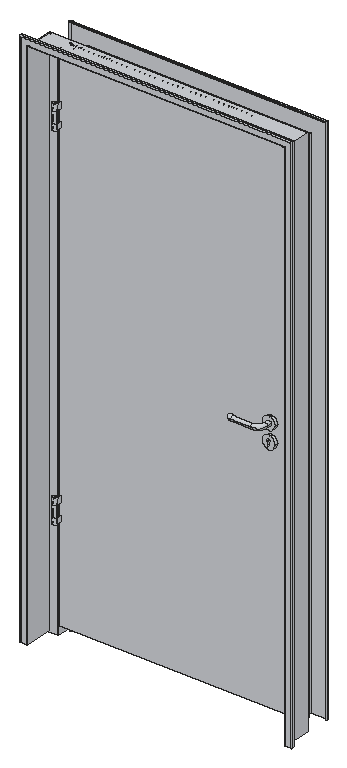
Revit family "BOS-Leibungszarge-BuLd-MW_Familie", category Türen, Revit 2017
Family settings
  Basisbauteil = Wand
  Immer vertikal = Ja
  Beim Laden mit Abzugskörper schneiden = Nein
  Gemeinsam genutzt = Nein
  Raumberechnungspunkt = Ja
Parameters (values of type "BuLd")
  Öffnungswínkel [instance] = if(Öffnungswinkel   Aperture < Öffnungswinkel min., Öffnungswinkel min., if(Öffnungswinkel   Aperture > Öffnungswinkel max., Öffnungswinkel max., Öffnungswinkel   Aperture)) * if(DIN links   DIN Left, 1, -1)  # 0.00°
  Öffnungswinkel min. = 0.00°  # constant formula
  Öffnungswinkel max. = 90.00°  # constant formula
  Öffnungswinkel   Aperture [instance] = 0.00°
  Türblattaufschlag = 13 mm  # constant formula
  Türblattabstand unten = 7 mm  # constant formula
  Türblattabstand oben = 4 mm  # constant formula
  Türblattabstand links-rechts = 3.5 mm  # constant formula
  Drehpunktreferenz vertikal [instance] = Wandstärke   Wall Thickness  # 200 mm
  Türblattabstand 3 = 4.5 mm  # constant formula
  Türblattabstand 2 = 4.5 mm  # constant formula
  Türblattabstand 1 = if(Gefälzt, 1.5 mm, -2 mm)  # -2 mm
  Türblattversatz horizontal = if(Gefälzt, 11.5 mm, 6 mm)  # 6 mm
  Spiegel vorne min. = 30 mm  # constant formula
  Spiegel vorne max. = 80 mm  # constant formula
  Spiegel innen min. = 40 mm  # constant formula
  Spiegel innen max. = 40 mm  # constant formula
  Spiegel hinten min. = if(Einfachfalz, 55 mm, 70 mm)  # 70 mm
  Spiegel hinten max. = if(Einfachfalz, 55 mm, 70 mm)  # 70 mm
  Sickentiefe = 10 mm  # constant formula
  Putzwinkel vorne   Backbend Front [instance] = 10 mm  # constant formula
  Putzwinkel min. = 10 mm  # constant formula
  Putzwinkel max. = 28 mm  # constant formula
  Putzwinkel innen   Backbend Inside [instance] = 10 mm  # constant formula
  Putzwinkel innen [instance] = Putzwinkel innen   Backbend Inside  # 10 mm
  Putzwinkel hinten   Backbend Back [instance] = 10 mm  # constant formula
  LDH Lichte Durchgangs Höhe   Clearance Height [instance] = FMH Falzmaß Höhe - Falzaufschlag gesamt  # 2078 mm
  LDB Lichte Durchgangs Breite   Clearance Width [instance] = FMB Falzmaß Breite - (2 * Falzaufschlag gesamt)  # 906 mm
  Drehpunktreferenz horizontal = 500 mm  # constant formula
  Drehpunktposition vertikal [instance] = (Wandstärke   Wall Thickness / 2) - (MW Maulweite   Receiving Opening - Wandstärke   Wall Thickness + Putzwinkel hinten) + Leibungstiefe + Falztiefe gesamt + [Drehpunktabstand (SP) vertikal]  # 215 mm
  Drehpunktposition horizontal [instance] = Drehpunktreferenz horizontal + Einfügepunkt + if(DIN links   DIN Left, FMB Falzmaß Breite + [Drehpunktabstand (FM) horizontal], -[Drehpunktabstand (FM) horizontal])  # 1523.5 mm
  Drehpunktabstand (SP) vertikal = if(Gefälzt, 12.5 mm, 13.5 mm)  # 13.5 mm
  Drehpunktabstand (FM) horizontal = if(Gefälzt, 21 mm, 2.5 mm)  # 2.5 mm
  Drehpunkt Warnung sichtbar = yes
  Drehpunkt Warnung [instance] = and(Drehpunkt Warnung sichtbar, not(Öffnungswínkel = 0.00°))  # no
  Dichtungsversatz vertikal 2 [instance] = MW Maulweite   Receiving Opening + Putzwinkel hinten - Leibungstiefe + Sickentiefe  # 180 mm
  VX Bänder DIN links [instance] = DIN links   DIN Left  # yes
  Stumpf = or(BsLd, BsFLd)  # yes
  Spiegel innen   Architrave Inside [instance] = 40 mm  # constant formula
  Spiegel innen [instance] = if(Spiegel innen   Architrave Inside < Spiegel innen min., Spiegel innen min., if(Spiegel innen   Architrave Inside > Spiegel innen max., Spiegel innen max., Spiegel innen   Architrave Inside))  # 40 mm
  Profilverschiebung = 15 mm  # constant formula
  MW min. (BuLd, BsLd) = 100 mm  # constant formula
  MW min. (BuLFd, BsLFd) = 130 mm  # constant formula
  MW Maulweite (BuLd, BsLd) [instance] = if(or(BuLd, BsLd), if(Wandstärke   Wall Thickness < [MW min. (BuLd, BsLd)], [MW min. (BuLd, BsLd)], if(Wandstärke   Wall Thickness > MW max., MW max., Wandstärke   Wall Thickness)), [MW min. (BuLFd, BsLFd)])  # 130 mm
  MW Maulweite (BuLFd, BsLFd) [instance] = if(or(BuFLd, BsFLd), if(Wandstärke   Wall Thickness < [MW min. (BuLFd, BsLFd)], [MW min. (BuLFd, BsLFd)], if(Wandstärke   Wall Thickness > MW max., MW max., Wandstärke   Wall Thickness)), [MW min. (BuLFd, BsLFd)])  # 200 mm
  Leibungstiefe [instance] = 40 mm  # constant formula
  Gefälzt = or(BuLd, BuFLd)  # no
  Falztiefe gesamt = if(Einfachfalz, Falztiefe, Falztiefe + Falztiefe 2)  # 71.5 mm
  Falztiefe 2 = 25 mm  # constant formula
  Falzaufschlag gesamt = if(Einfachfalz, Falzaufschlag, 2 * Falzaufschlag)  # 30 mm
  Dichtungsversatz vertikal 1 [instance] = MW Maulweite   Receiving Opening + Putzwinkel hinten - Leibungstiefe - if(Doppelfalz, Falztiefe 2, 0 mm) + Sickentiefe  # 155 mm
  Dichtungsversatz horizontal 2 [instance] = Falzaufschlag  # 15 mm
  Dichtungsversatz horizontal 1 [instance] = 0 mm  # constant formula
  Einfachfalz = or(BuLd, BsLd)  # no
  Doppelfalz = or(BuFLd, BsFLd)  # yes
  Bänder - Auswahl [instance] = if(Gefälzt, "3D Bänder gefälzt, Bandaufnahmen BVX11000", "3D Bänder stumpf, Bandaufnahmen BVX11000")  # "3D Bänder stumpf, Bandaufnahmen BVX11000"
  BsFLd = yes
  BuFLd = no
  Wandstärke   Wall Thickness [instance] = 200 mm
  VX Bänder DIN rechts [instance] = DIN rechts   DIN Right  # no
  URL = "www.BestOfSteel.de/stahlzargen/zargen-fuer-drehfluegeltueren/leibungszargen/"
  Türblattstärke 3 = if(Einfachfalz, 0 mm, 25 mm)  # 25 mm
  Türblattstärke 2 = Türblattstärke - Türblattstärke 1 - Türblattstärke 3  # 40 mm
  Türblattstärke 1 = if(Gefälzt, 14.5 mm, 0 mm)  # 0 mm
  Türblattstärke = if(Einfachfalz, 40 mm, 65 mm)  # 65 mm
  Türblattversatz vertikal = if(Gefälzt, -3.5 mm, 15.5 mm)  # 15.5 mm
  Spiegel vorne   Architrave Front [instance] = 30 mm
  Spiegel vorne [instance] = if(Spiegel vorne   Architrave Front < Spiegel vorne min., Spiegel vorne min., if(Spiegel vorne   Architrave Front > Spiegel vorne max., Spiegel vorne max., Spiegel vorne   Architrave Front))  # 30 mm
  Spiegel hinten   Architrave Back [instance] = if(Einfachfalz, 55 mm, 70 mm)  # 70 mm
  Spiegel hinten [instance] = if(Spiegel hinten   Architrave Back < Spiegel hinten min., Spiegel hinten min., if(Spiegel hinten   Architrave Back > Spiegel hinten max., Spiegel hinten max., Spiegel hinten   Architrave Back))  # 70 mm
  Rough Height = 0 mm  # constant formula
  Rough Width = 0 mm  # constant formula
  Rechtliche Hinweise [instance] = "www.BestOfSteel.de/tools-downloads/bim-building-information-modeling/"
  RNH Rohbau_Nennmaß_Höhe   Nominal Wall Opening Height Measurement [instance] = FMH Falzmaß Höhe + Einfügepunkt  # 2163 mm
  RNB Rohbau_Nennmaß_Breite   Nominal Wall Opening Width Measurement [instance] = FMB Falzmaß Breite + (2 * Einfügepunkt)  # 1076 mm
  Putzwinkel vorne [instance] = if(Putzwinkel vorne   Backbend Front < Putzwinkel min., Putzwinkel min., if(Putzwinkel vorne   Backbend Front > Putzwinkel max., Putzwinkel max., Putzwinkel vorne   Backbend Front))  # 10 mm
  Putzwinkel hinten [instance] = if(Putzwinkel hinten   Backbend Back < Putzwinkel min., Putzwinkel min., if(Putzwinkel hinten   Backbend Back > Putzwinkel max., Putzwinkel max., Putzwinkel hinten   Backbend Back))  # 10 mm
  BsLd = no
  BuLd = no
  Modell = "BsFLd"
  Material - Zarge = none
  Material - Türblatt = none
  Material - Drückergarnitur = none
  Material - Dichtung = none
  Material - Bänder = none
  Material = "grundiert, feuerverzinktes Feinblech nach DIN EN 10143"
  MW min. = if(or(BuLd, BsLd), [MW min. (BuLd, BsLd)], [MW min. (BuLFd, BsLFd)])  # 130 mm
  MW max. [instance] = GT max. - Putzwinkel vorne - Putzwinkel hinten  # 630 mm
  MW Maulweite   Receiving Opening [instance] = if(or(BuLd, BsLd), [MW Maulweite (BuLd, BsLd)], [MW Maulweite (BuLFd, BsLFd)])  # 200 mm
  Information in English = no
  Info-Texte sichtbar = yes
  Height [instance] = RNH Rohbau_Nennmaß_Höhe   Nominal Wall Opening Height Measurement  # 2163 mm
  Hersteller = "BOS GmbH Best Of Steel, Lütkenfelde 4, D-48282 Emsdetten"
  GT min. [instance] = MW min. + Putzwinkel vorne + Putzwinkel hinten  # 150 mm
  GT max. = 650 mm  # constant formula
  GT Gesamttiefe_Zarge   Total Profile Depth [instance] = MW Maulweite   Receiving Opening + Putzwinkel vorne + Putzwinkel hinten  # 220 mm
  MW Fehler [instance] = or(Wandstärke   Wall Thickness < MW min., Wandstärke   Wall Thickness > MW max.)  # no
  Funktion = Innen
  Falztiefe = Türblattstärke 2 - Türblattabstand 1 + Türblattabstand 2  # 46.5 mm
  Falzaufschlag = 15 mm  # constant formula
  FMH min. = 1608 mm  # constant formula
  FMH max. = 2858 mm  # constant formula
  FMH Falzmaß_Höhe   Rebate Height Measurement [instance] = 2108 mm
  FMH Falzmaß Höhe [instance] = if(FMH Falzmaß_Höhe   Rebate Height Measurement < FMH min., FMH min., if(FMH Falzmaß_Höhe   Rebate Height Measurement > FMH max., FMH max., FMH Falzmaß_Höhe   Rebate Height Measurement))  # 2108 mm
  FMB min. = 591 mm  # constant formula
  FMB max. = 1341 mm  # constant formula
  FMB Falzmaß_Breite   Rebate Width Measurement [instance] = 966 mm
  FMB Falzmaß Breite [instance] = if(FMB Falzmaß_Breite   Rebate Width Measurement < FMB min., FMB min., if(FMB Falzmaß_Breite   Rebate Width Measurement > FMB max., FMB max., FMB Falzmaß_Breite   Rebate Width Measurement))  # 966 mm
  Einfügepunkt [instance] = Profilverschiebung + Spiegel innen  # 55 mm
  Drückerhöhe   Handle Height [instance] = 1050 mm
  Drückerhöhe [instance] = if(Drückerhöhe   Handle Height < 850 mm, 850 mm, if(Drückerhöhe   Handle Height > 1050 mm, 1050 mm, Drückerhöhe   Handle Height))  # 1050 mm
  Drückergarnitur DIN rechts [instance] = DIN rechts   DIN Right  # no
  Drückergarnitur DIN links [instance] = DIN links   DIN Left  # yes
  Dicke = 0 mm  # constant formula
  Dichtung 2 = Doppelfalz  # yes
  Dichtung 1 = or(Einfachfalz, Doppelfalz)  # yes
  DIN rechts   DIN Right [instance] = not(DIN links   DIN Left)  # no
  DIN links oder rechts [instance] = if(DIN links   DIN Left, "DIN links", "DIN rechts")  # "DIN links"
  DIN links   DIN Left [instance] = yes
  Width = 0 mm  # constant formula
  Beschreibung = "Leibungszarge für Mauerwerk, stumpf, mit Doppelfalz"
  Bauelement = "BOS Stahlzarge"
  BOS-Architekten-Beratung = "Tel.: +49 (0) 2572 203-203; E-Mail: architekten@BestOfSteel.de"
  BE Bodeneinstand   Foundation Bedding [instance] = 30 mm
  BE Bodeneinstand [instance] = if(BE Bodeneinstand   Foundation Bedding < 0 mm, 0 mm, if(BE Bodeneinstand   Foundation Bedding > BE max., BE max., BE Bodeneinstand   Foundation Bedding))  # 30 mm
  BBL1 Bandbezugslinie   Hinge Position 1 = 241 mm  # constant formula
  BE max. = 100 mm  # constant formula
  BA Bandabstand   Distance Between Hinges [instance] = if(FMH Falzmaß Höhe < 1546 mm, 935 mm, if(FMH Falzmaß Höhe < 1671 mm, 1060 mm, if(FMH Falzmaß Höhe < 1796 mm, 1185 mm, if(FMH Falzmaß Höhe < 1921 mm, 1310 mm, if(FMH Falzmaß Höhe < 2171 mm, 1435 mm, if(FMH Falzmaß Höhe < 2296 mm, 1685 mm, if(FMH Falzmaß Höhe < 2421 mm, 1810 mm, if(FMH Falzmaß Höhe < 2546 mm, 1935 mm, if(FMH Falzmaß Höhe < 2671 mm, 2060 mm, if(FMH Falzmaß Höhe < 2796 mm, 2185 mm, 2310 mm))))))))))  # 1435 mm
  Technische Infos rund um die Stahlzarge = "www.BestOfSteel.de/tools-downloads/technische-infos-rund-um-die-stahlzarge/"
Reference planes
  plane 1 "Wand": y = 0
  plane 2 "Mitte (Links/rechts)": x = 125
  plane 3 "Hinten": y = 100
  plane 4 "Vorne": y = -100
  plane 5 "RNB links": x = -413
  plane 6 "RNB rechts": x = 663
  plane 7 "RNH oben": z = 2163
  plane 8 "BBL1": z = 1867
  plane 9 "Drückerhöhe": z = 1050
  plane 10 "BBL2": z = 432
  plane 11 "BE": z = -30
  plane 12 "FMH oben": z = 2108
  plane 13: z = -100
  plane 14 "FMB links": x = -358
  plane 15 "FMB rechts": x = 608
  plane 16 "Drehpunkt horizontal": y = -15
  plane 17 "Drehpunkt vertikal": x = -360.5
  plane 18 "Drehpunktreferenz horizontal": x = 1163
  plane 19 "Drehpunktreferenz vertikal": y = 200
Forms (mm)
  Sweep 1, solid, material <- "Material - Zarge", visible <- "Einfachfalz", detail levels medium+fine
    path origin (0, -100, 0) x (-1, 0, 0) y (0, 0, 1)
      loop
        line (413, -30) -> (413, 2163) -> (-663, 2163) -> (-663, -30)
    profile "BOS-(w)BuLd-(w)BsLd_Profil : BOS-(w)BuLd-(w)BsLd_Profil" origin (-413, -100, 1066.5) x (1, 0, 0) y (0, 1, 0)
      loop
        arc (15, 56) -> (15.732, 54.232) -> (17.5, 53.5) r 2.5
        line (17.5, 53.5) -> (52.5, 53.5)
        arc (52.5, 53.5) -> (54.268, 54.232) -> (55, 56) r 2.5
        line (55, 56) -> (55, 109)
        arc (55, 109) -> (55.293, 109.707) -> (56, 110) r 1
        line (56, 110) -> (64, 110)
        arc (64, 110) -> (65.154, 109.458) -> (65.475, 108.225) r 1.5
        line (65.475, 108.225) -> (64.547, 103.255)
        arc (64.547, 103.255) -> (66.996, 100.012) -> (70, 102.75) r 2.75
        line (70, 102.75) -> (70, 137.5)
        arc (70, 137.5) -> (69.268, 139.268) -> (67.5, 140) r 2.5
        line (67.5, 140) -> (2.5, 140)
        arc (2.5, 140) -> (0.732, 139.268) -> (0, 137.5) r 2.5
        line (0, 137.5) -> (0, 130) -> (1.5, 130) -> (1.5, 137.5)
        arc (1.5, 137.5) -> (1.793, 138.207) -> (2.5, 138.5) r 1
        line (2.5, 138.5) -> (67.5, 138.5)
        arc (67.5, 138.5) -> (68.207, 138.207) -> (68.5, 137.5) r 1
        line (68.5, 137.5) -> (68.5, 102.75)
        arc (68.5, 102.75) -> (67.135, 101.505) -> (66.021, 102.979) r 1.25
        line (66.021, 102.979) -> (66.949, 107.949)
        arc (66.949, 107.949) -> (66.308, 110.417) -> (64, 111.5) r 3
        line (64, 111.5) -> (56, 111.5)
        arc (56, 111.5) -> (54.232, 110.768) -> (53.5, 109) r 2.5
        line (53.5, 109) -> (53.5, 56)
        arc (53.5, 56) -> (53.207, 55.293) -> (52.5, 55) r 1
        line (52.5, 55) -> (17.5, 55)
        arc (17.5, 55) -> (16.793, 55.293) -> (16.5, 56) r 1
        line (16.5, 56) -> (16.5, 63.5) -> (13.5, 63.5) -> (13.5, -7.5)
        arc (13.5, -7.5) -> (13.207, -8.207) -> (12.5, -8.5) r 1
        line (12.5, -8.5) -> (-12.5, -8.5)
        arc (-12.5, -8.5) -> (-13.207, -8.207) -> (-13.5, -7.5) r 1
        line (-13.5, -7.5) -> (-13.5, 0) -> (-15, 0) -> (-15, -7.5)
        arc (-15, -7.5) -> (-14.268, -9.268) -> (-12.5, -10) r 2.5
        line (-12.5, -10) -> (12.5, -10)
        arc (12.5, -10) -> (14.268, -9.268) -> (15, -7.5) r 2.5
        line (15, -7.5) -> (15, 56)
  Sweep 2, solid, material <- "Material - Dichtung", visible <- "Dichtung 1", detail levels medium+fine
    path origin (0, -100, 0) x (-1, 0, 0) y (0, 0, 1)
      loop
        line (358, 0) -> (358, 2108) -> (-608, 2108) -> (-608, 0)
    profile "BOS-Dichtung_Profil : BOS-Dichtung_Profil" origin (-358, -100, 1054) x (1, 0, 0) y (0, 1, 0)
      loop
        arc (2.601, 153.763) -> (2.248, 153.616) -> (2.102, 153.263) r 0.5
        line (2.102, 153.263) -> (2.102, 149.134)
        arc (2.102, 149.134) -> (2.243, 148.754) -> (2.599, 148.557) r 0.584
        line (2.599, 148.557) -> (7.702, 147.78)
        arc (7.702, 147.78) -> (8.08, 147.892) -> (8.234, 148.254) r 0.462
        line (8.234, 148.254) -> (8.069, 152.492)
        arc (8.069, 152.492) -> (7.918, 152.903) -> (7.556, 153.15) r 0.716
        arc (7.556, 153.15) -> (5.104, 153.66) -> (2.601, 153.763) r 15.257
      loop
        arc (2.671, 147.457) -> (2.274, 147.338) -> (2.102, 146.96) r 0.501
        line (2.102, 146.96) -> (2.102, 144.065)
        arc (2.102, 144.065) -> (2.227, 143.651) -> (2.561, 143.374) r 0.75
        line (2.561, 143.374) -> (9.159, 141.5)
        arc (9.159, 141.5) -> (9.738, 141.426) -> (10.314, 141.526) r 1.962
        arc (10.314, 141.526) -> (11.596, 142.254) -> (12.503, 143.416) r 3.79
        arc (12.503, 143.416) -> (12.466, 143.789) -> (12.114, 143.916) r 0.351
        arc (12.114, 143.916) -> (9.731, 144.318) -> (8.301, 146.267) r 3.215
        arc (8.301, 146.267) -> (8.101, 146.597) -> (7.751, 146.759) r 0.66
        line (7.751, 146.759) -> (2.671, 147.457)
      loop
        arc (9.885, 153.192) -> (6.361, 154.549) -> (2.611, 155) r 15.273
        arc (2.611, 155) -> (1.229, 154.741) -> (0, 154.058) r 4.388
        arc (0, 154.058) -> (-0.126, 153.698) -> (0.203, 153.505) r 0.3
        line (0.203, 153.505) -> (1.052, 153.679) -> (1.052, 148.712) -> (0.253, 148.089)
        arc (0.253, 148.089) -> (0.158, 147.698) -> (0.517, 147.517) r 0.324
        arc (0.517, 147.517) -> (0.888, 147.425) -> (1.052, 147.08) r 0.446
        line (1.052, 147.08) -> (1.052, 143.838) -> (0.255, 143.075)
        arc (0.255, 143.075) -> (0.205, 142.709) -> (0.55, 142.577) r 0.297
        arc (0.55, 142.577) -> (1.217, 142.694) -> (1.892, 142.637) r 2.63
        line (1.892, 142.637) -> (9.198, 140.549)
        arc (9.198, 140.549) -> (9.621, 140.508) -> (10.045, 140.524) r 3.219
        arc (10.045, 140.524) -> (12.714, 142.031) -> (14.033, 144.798) r 5.088
        arc (14.033, 144.798) -> (13.874, 145.208) -> (13.442, 145.288) r 0.451
        line (13.442, 145.288) -> (12.151, 144.852)
        arc (12.151, 144.852) -> (10.406, 145.22) -> (9.336, 146.647) r 2.533
        line (9.336, 146.647) -> (9.088, 152.069)
        arc (9.088, 152.069) -> (9.253, 152.464) -> (9.663, 152.587) r 0.501
        arc (9.663, 152.587) -> (10.021, 152.799) -> (9.885, 153.192) r 0.329
  Sweep 3, solid, material <- "Material - Zarge", visible <- "Doppelfalz", detail levels medium+fine
    path origin (0, -100, 0) x (-1, 0, 0) y (0, 0, 1)
      loop
        line (413, -30) -> (413, 2163) -> (-663, 2163) -> (-663, -30)
    profile "BOS-(w)BuFLd-(w)BsFLd_Profil : BOS-(w)BuFLd-(w)BsFLd_Profil" origin (-413, -100, 1066.5) x (1, 0, 0) y (0, 1, 0)
      loop
        arc (81.949, 177.949) -> (81.308, 180.417) -> (79, 181.5) r 3
        line (79, 181.5) -> (71, 181.5)
        arc (71, 181.5) -> (69.232, 180.768) -> (68.5, 179) r 2.5
        line (68.5, 179) -> (68.5, 147.75)
        arc (68.5, 147.75) -> (67.135, 146.505) -> (66.021, 147.979) r 1.25
        line (66.021, 147.979) -> (66.949, 152.961)
        arc (66.949, 152.961) -> (66.308, 155.428) -> (64, 156.512) r 3
        line (64, 156.512) -> (56, 156.512)
        arc (56, 156.512) -> (54.232, 155.779) -> (53.5, 154.012) r 2.5
        line (53.5, 154.012) -> (53.5, 101)
        arc (53.5, 101) -> (53.207, 100.293) -> (52.5, 100) r 1
        line (52.5, 100) -> (17.5, 100)
        arc (17.5, 100) -> (16.793, 100.293) -> (16.5, 101) r 1
        line (16.5, 101) -> (16.5, 108.5) -> (13.5, 108.5) -> (13.5, -7.5)
        arc (13.5, -7.5) -> (13.207, -8.207) -> (12.5, -8.5) r 1
        line (12.5, -8.5) -> (-12.5, -8.5)
        arc (-12.5, -8.5) -> (-13.207, -8.207) -> (-13.5, -7.5) r 1
        line (-13.5, -7.5) -> (-13.5, 0) -> (-15, 0) -> (-15, -7.5)
        arc (-15, -7.5) -> (-14.268, -9.268) -> (-12.5, -10) r 2.5
        line (-12.5, -10) -> (12.5, -10)
        arc (12.5, -10) -> (14.268, -9.268) -> (15, -7.5) r 2.5
        line (15, -7.5) -> (15, 101)
        arc (15, 101) -> (15.732, 99.232) -> (17.5, 98.5) r 2.5
        line (17.5, 98.5) -> (52.5, 98.5)
        arc (52.5, 98.5) -> (54.268, 99.232) -> (55, 101) r 2.5
        line (55, 101) -> (55, 154.012)
        arc (55, 154.012) -> (55.293, 154.719) -> (56, 155.012) r 1
        line (56, 155.012) -> (64, 155.012)
        arc (64, 155.012) -> (65.154, 154.47) -> (65.475, 153.236) r 1.5
        line (65.475, 153.236) -> (64.547, 148.255)
        arc (64.547, 148.255) -> (66.996, 145.012) -> (70, 147.75) r 2.75
        line (70, 147.75) -> (70, 179)
        arc (70, 179) -> (70.293, 179.707) -> (71, 180) r 1
        line (71, 180) -> (79, 180)
        arc (79, 180) -> (80.154, 179.458) -> (80.475, 178.225) r 1.5
        line (80.475, 178.225) -> (79.547, 173.255)
        arc (79.547, 173.255) -> (81.996, 170.012) -> (85, 172.75) r 2.75
        line (85, 172.75) -> (85, 207.5)
        arc (85, 207.5) -> (84.268, 209.268) -> (82.5, 210) r 2.5
        line (82.5, 210) -> (17.5, 210)
        arc (17.5, 210) -> (15.732, 209.268) -> (15, 207.5) r 2.5
        line (15, 207.5) -> (15, 200) -> (16.5, 200) -> (16.5, 207.5)
        arc (16.5, 207.5) -> (16.793, 208.207) -> (17.5, 208.5) r 1
        line (17.5, 208.5) -> (82.5, 208.5)
        arc (82.5, 208.5) -> (83.207, 208.207) -> (83.5, 207.5) r 1
        line (83.5, 207.5) -> (83.5, 172.75)
        arc (83.5, 172.75) -> (82.135, 171.505) -> (81.021, 172.979) r 1.25
        line (81.021, 172.979) -> (81.949, 177.949)
  Sweep 4, void
    path origin (0, -100, 0) x (-1, 0, 0) y (0, 0, 1)
      loop
        line (413, 0) -> (413, 2163) -> (-125, 2163)
    profile "BOS-AK-Leibungszarge-Einfachfalz-MW_Profil : BOS-AK-Leibungszarge-Einfachfalz-MW_Profil" origin (-413, -100, 1081.5) x (1, 0, 0) y (0, 1, 0)
      loop
        line (76.5, 56) -> (76.5, 63.5) -> (73.5, 63.5) -> (73.5, 0) -> (538, 0) -> (538, 130) -> (128.5, 130) -> (128.5, 111.5) -> (116, 111.5)
        arc (116, 111.5) -> (114.232, 110.768) -> (113.5, 109) r 2.5
        line (113.5, 109) -> (113.5, 56)
        arc (113.5, 56) -> (113.207, 55.293) -> (112.5, 55) r 1
        line (112.5, 55) -> (77.5, 55)
        arc (77.5, 55) -> (76.793, 55.293) -> (76.5, 56) r 1
  Sweep 5, void
    path origin (0, -100, 0) x (-1, 0, 0) y (0, 0, 1)
      loop
        line (-663, 0) -> (-663, 2163) -> (-125, 2163)
    profile "BOS-AK-Leibungszarge-Einfachfalz-MW_Profil : BOS-AK-Leibungszarge-Einfachfalz-MW_Profil" origin (663, -100, 1081.5) x (1, 0, 0) y (0, 1, 0)
      loop
        arc (-76.5, 56) -> (-76.793, 55.293) -> (-77.5, 55) r 1
        line (-77.5, 55) -> (-112.5, 55)
        arc (-112.5, 55) -> (-113.207, 55.293) -> (-113.5, 56) r 1
        line (-113.5, 56) -> (-113.5, 109)
        arc (-113.5, 109) -> (-114.232, 110.768) -> (-116, 111.5) r 2.5
        line (-116, 111.5) -> (-128.5, 111.5) -> (-128.5, 130) -> (-538, 130) -> (-538, 0) -> (-73.5, 0) -> (-73.5, 63.5) -> (-76.5, 63.5) -> (-76.5, 56)
  Sweep 6, void
    path origin (0, -100, 0) x (-1, 0, 0) y (0, 0, 1)
      loop
        line (413, 0) -> (413, 2163) -> (-125, 2163)
    profile "BOS-AK-Leibungszarge-Doppelfalz-MW_Profil : BOS-AK-Leibungszarge-Doppelfalz-MW_Profil" origin (-413, -100, 1081.5) x (1, 0, 0) y (0, 1, 0)
      loop
        line (13.5, 0) -> (538, 0) -> (538, 200) -> (83.5, 200) -> (83.5, 181.5) -> (71, 181.5)
        arc (71, 181.5) -> (69.232, 180.768) -> (68.5, 179) r 2.5
        line (68.5, 179) -> (68.5, 156.5) -> (56, 156.5)
        arc (56, 156.5) -> (54.232, 155.768) -> (53.5, 154) r 2.5
        line (53.5, 154) -> (53.5, 101)
        arc (53.5, 101) -> (53.207, 100.293) -> (52.5, 100) r 1
        line (52.5, 100) -> (17.5, 100)
        arc (17.5, 100) -> (16.793, 100.293) -> (16.5, 101) r 1
        line (16.5, 101) -> (16.5, 108.5) -> (13.5, 108.5) -> (13.5, 0)
  Sweep 7, void
    path origin (0, -100, 0) x (-1, 0, 0) y (0, 0, 1)
      loop
        line (-663, 0) -> (-663, 2163) -> (-125, 2163)
    profile "BOS-AK-Leibungszarge-Doppelfalz-MW_Profil : BOS-AK-Leibungszarge-Doppelfalz-MW_Profil" origin (663, -100, 1081.5) x (1, 0, 0) y (0, 1, 0)
      loop
        line (-13.5, 0) -> (-13.5, 108.5) -> (-16.5, 108.5) -> (-16.5, 101)
        arc (-16.5, 101) -> (-16.793, 100.293) -> (-17.5, 100) r 1
        line (-17.5, 100) -> (-52.5, 100)
        arc (-52.5, 100) -> (-53.207, 100.293) -> (-53.5, 101) r 1
        line (-53.5, 101) -> (-53.5, 154)
        arc (-53.5, 154) -> (-54.232, 155.768) -> (-56, 156.5) r 2.5
        line (-56, 156.5) -> (-68.5, 156.5) -> (-68.5, 179)
        arc (-68.5, 179) -> (-69.232, 180.768) -> (-71, 181.5) r 2.5
        line (-71, 181.5) -> (-83.5, 181.5) -> (-83.5, 200) -> (-538, 200) -> (-538, 0) -> (-13.5, 0)
  Sweep 8, solid, material <- "Material - Dichtung", visible <- "Dichtung 2", detail levels medium+fine
    path origin (0, -100, 0) x (-1, 0, 0) y (0, 0, 1)
      loop
        line (358, 0) -> (358, 2108) -> (-608, 2108) -> (-608, 0)
    profile "BOS-Dichtung_Profil : BOS-Dichtung_Profil" origin (-358, -100, 1054) x (1, 0, 0) y (0, 1, 0)
      loop
        arc (17.601, 178.763) -> (17.248, 178.616) -> (17.102, 178.263) r 0.5
        line (17.102, 178.263) -> (17.102, 174.134)
        arc (17.102, 174.134) -> (17.243, 173.754) -> (17.599, 173.557) r 0.584
        line (17.599, 173.557) -> (22.702, 172.78)
        arc (22.702, 172.78) -> (23.08, 172.892) -> (23.234, 173.254) r 0.462
        line (23.234, 173.254) -> (23.069, 177.492)
        arc (23.069, 177.492) -> (22.918, 177.903) -> (22.556, 178.15) r 0.716
        arc (22.556, 178.15) -> (20.104, 178.66) -> (17.601, 178.763) r 15.257
      loop
        arc (17.671, 172.457) -> (17.274, 172.338) -> (17.102, 171.96) r 0.501
        line (17.102, 171.96) -> (17.102, 169.065)
        arc (17.102, 169.065) -> (17.227, 168.651) -> (17.561, 168.374) r 0.75
        line (17.561, 168.374) -> (24.159, 166.5)
        arc (24.159, 166.5) -> (24.738, 166.426) -> (25.314, 166.526) r 1.962
        arc (25.314, 166.526) -> (26.596, 167.254) -> (27.503, 168.416) r 3.79
        arc (27.503, 168.416) -> (27.466, 168.789) -> (27.114, 168.916) r 0.351
        arc (27.114, 168.916) -> (24.731, 169.318) -> (23.301, 171.267) r 3.215
        arc (23.301, 171.267) -> (23.101, 171.597) -> (22.751, 171.759) r 0.66
        line (22.751, 171.759) -> (17.671, 172.457)
      loop
        arc (24.885, 178.192) -> (21.361, 179.549) -> (17.611, 180) r 15.273
        arc (17.611, 180) -> (16.229, 179.741) -> (15, 179.058) r 4.388
        arc (15, 179.058) -> (14.874, 178.698) -> (15.203, 178.505) r 0.3
        line (15.203, 178.505) -> (16.052, 178.679) -> (16.052, 173.712) -> (15.253, 173.089)
        arc (15.253, 173.089) -> (15.158, 172.698) -> (15.517, 172.517) r 0.324
        arc (15.517, 172.517) -> (15.888, 172.425) -> (16.052, 172.08) r 0.446
        line (16.052, 172.08) -> (16.052, 168.838) -> (15.255, 168.075)
        arc (15.255, 168.075) -> (15.205, 167.709) -> (15.55, 167.577) r 0.297
        arc (15.55, 167.577) -> (16.217, 167.694) -> (16.892, 167.637) r 2.63
        line (16.892, 167.637) -> (24.198, 165.549)
        arc (24.198, 165.549) -> (24.621, 165.508) -> (25.045, 165.524) r 3.219
        arc (25.045, 165.524) -> (27.714, 167.031) -> (29.033, 169.798) r 5.088
        arc (29.033, 169.798) -> (28.874, 170.208) -> (28.442, 170.288) r 0.451
        line (28.442, 170.288) -> (27.151, 169.852)
        arc (27.151, 169.852) -> (25.406, 170.22) -> (24.336, 171.647) r 2.533
        line (24.336, 171.647) -> (24.088, 177.069)
        arc (24.088, 177.069) -> (24.253, 177.464) -> (24.663, 177.587) r 0.501
        arc (24.663, 177.587) -> (25.021, 177.799) -> (24.885, 178.192) r 0.329
Lines and regions (mm)
  reference lines
    curve 1: line (65, 650, 0) -> (185, 650, 0)
    curve 2: line (65, 150, 0) -> (185, 150, 0)
    curve 3: line (65, -650, 0) -> (185, -650, 0)
    curve 4: line (65, -350, 0) -> (185, -350, 0)
    curve 5: line (-360.5, -15, 0) -> (139.5, -15, 0)
  symbolic lines, style "DoorsHiddenLines", visible <- "DIN links   DIN Left"
    curve 6: arc (663, -15, 0) -> (347.847, -775.847, 0) -> (-413, -1091, 0) r 1076
  symbolic lines, style "Doors", visible <- "DIN links   DIN Left"
    curve 7: line (-413, -15, 0) -> (-413, -1091, 0)
  symbolic lines, style "DoorsHiddenLines", visible <- "DIN rechts   DIN Right"
    curve 8: arc (-413, -15, 0) -> (-97.847, -775.847, 0) -> (663, -1091, 0) r 1076
  symbolic lines, style "Doors", visible <- "DIN rechts   DIN Right"
    curve 9: line (663, -1091, 0) -> (663, -15, 0)
Text (mm)
  text "Außen     " at (-1696.17, 830.944, 0), in view "Ref.-Ebene"
  text "Außen" at (0, 1409.804, 2854.306), in view "Links"
  text "Placement side" at (0, 499.811, 2980.732), in view "Rechts"
Dimensions and locks
  locked: plane 3 "Hinten" to host wall
  locked: host wall to plane 4 "Vorne" at 0
  level to plane 7 "RNH oben" = 2163 mm
  equal spacing: plane 5 "RNB links", plane 2 "Mitte (Links/rechts)", plane 6 "RNB rechts"
  "Drückerhöhe": level to plane 9 "Drückerhöhe"
  "BE Bodeneinstand": plane 11 "BE" to level
  "Wandstärke   Wall Thickness": host wall to host wall
  "BBL1 Bandbezugslinie   Hinge Position 1": plane 12 "FMH oben" to plane 8 "BBL1"
  "BA Bandabstand   Distance Between Hinges": plane 8 "BBL1" to plane 10 "BBL2"
  "FMH Falzmaß Höhe": plane 12 "FMH oben" to level
  "RNH Rohbau_Nennmaß_Höhe   Nominal Wall Opening Height Measurement": plane 7 "RNH oben" to level
  "RNB Rohbau_Nennmaß_Breite   Nominal Wall Opening Width Measurement": plane 5 "RNB links" to plane 6 "RNB rechts"
  curve 3 to curve 4 to plane 4 "Vorne" to plane 3 "Hinten" to curve 2 to curve 1 = 300 mm, 250 mm, 200 mm, 50 mm, 500 mm
  "BE max.": level to plane 13
  equal spacing: plane 14 "FMB links", plane 2 "Mitte (Links/rechts)", plane 15 "FMB rechts"
  "FMB Falzmaß Breite": plane 14 "FMB links" to plane 15 "FMB rechts"
  "Drehpunktreferenz horizontal": plane 6 "RNB rechts" to plane 18 "Drehpunktreferenz horizontal"
  "Drehpunktposition horizontal": plane 17 "Drehpunkt vertikal" to plane 18 "Drehpunktreferenz horizontal"
  "Drehpunktreferenz vertikal": host wall to plane 19 "Drehpunktreferenz vertikal"
  "Drehpunktposition vertikal": plane 19 "Drehpunktreferenz vertikal" to plane 16 "Drehpunkt horizontal"
  "Öffnungswínkel": angle curve 5 to plane 16 "Drehpunkt horizontal"
  aligned and locked: plane 1 "Wand" to host wall
  aligned and locked: plane 6 "RNB rechts" to nested 1
  aligned and locked: plane 9 "Drückerhöhe" to nested 1
  aligned and locked: nested 2 to plane 5 "RNB links"
  aligned and locked: plane 4 "Vorne" to nested 2
  aligned and locked: nested 3 to plane 4 "Vorne"
  aligned and locked: nested 3 to plane 6 "RNB rechts"
  aligned and locked: plane 14 "FMB links" to Sweep 2 sketch curve
  aligned and locked: plane 12 "FMH oben" to Sweep 2 sketch curve
  aligned and locked: Sweep 2 sketch curve to plane 15 "FMB rechts"
  aligned and locked: plane 1 "Wand" to nested 4
  aligned and locked: curve 2 to nested 7
  aligned and locked: plane 2 "Mitte (Links/rechts)" to nested 7
  aligned and locked: curve 1 to nested 6
  aligned and locked: plane 2 "Mitte (Links/rechts)" to nested 6
  aligned and locked: plane 2 "Mitte (Links/rechts)" to nested 5
  aligned and locked: curve 3 to nested 5
  aligned and locked: plane 2 "Mitte (Links/rechts)" to nested 8
  aligned and locked: curve 4 to nested 8
  aligned and locked: nested 4 to plane 18 "Drehpunktreferenz horizontal"
  aligned and locked: plane 10 "BBL2" to nested 12
  aligned and locked: nested 9 to plane 10 "BBL2"
  aligned and locked: nested 11 to plane 8 "BBL1"
  aligned and locked: plane 8 "BBL1" to nested 10
  aligned and locked: nested 11 to plane 17 "Drehpunkt vertikal"
  aligned and locked: nested 12 to plane 17 "Drehpunkt vertikal"
  aligned and locked: nested 9 to plane 17 "Drehpunkt vertikal"
  aligned and locked: nested 10 to plane 17 "Drehpunkt vertikal"
  aligned and locked: nested 9 to plane 16 "Drehpunkt horizontal"
  aligned and locked: nested 10 to plane 16 "Drehpunkt horizontal"
  aligned and locked: plane 16 "Drehpunkt horizontal" to nested 11
  aligned and locked: plane 16 "Drehpunkt horizontal" to nested 12
  aligned and locked: curve 5 to nested 14
  aligned and locked: nested 13 to nested 2  (x2)
  aligned and locked: Sweep 8 sketch curve to plane 12 "FMH oben"
  aligned and locked: nested 1 to nested 3
  aligned and locked: plane 6 "RNB rechts" to curve 9
Automatic sketch dimensions
  Sweep 1 sketch curve to plane 6 "RNB rechts" = 0 mm
  Sweep 1 sketch curve to plane 5 "RNB links" = 0 mm
  Sweep 1 sketch curve to plane 11 "BE" = 0 mm  (x2)
  Sweep 1 sketch curve to plane 7 "RNH oben" = 0 mm
  Sweep 3 sketch curve to plane 6 "RNB rechts" = 0 mm
  Sweep 3 sketch curve to plane 5 "RNB links" = 0 mm
  Sweep 3 sketch curve to plane 11 "BE" = 0 mm  (x2)
  Sweep 3 sketch curve to plane 7 "RNH oben" = 0 mm
  Sweep 4 sketch curve to plane 2 "Mitte (Links/rechts)" = 0 mm
  Sweep 4 sketch curve to plane 5 "RNB links" = 0 mm
  Sweep 4 sketch curve to level = 0 mm
  Sweep 4 sketch curve to plane 7 "RNH oben" = 0 mm
  Sweep 5 sketch curve to plane 6 "RNB rechts" = 0 mm
  Sweep 5 sketch curve to plane 2 "Mitte (Links/rechts)" = 0 mm
  Sweep 5 sketch curve to level = 0 mm
  Sweep 5 sketch curve to plane 7 "RNH oben" = 0 mm
  Sweep 6 sketch curve to plane 2 "Mitte (Links/rechts)" = 0 mm
  Sweep 6 sketch curve to plane 5 "RNB links" = 0 mm
  Sweep 6 sketch curve to level = 0 mm
  Sweep 6 sketch curve to plane 7 "RNH oben" = 0 mm
  Sweep 7 sketch curve to plane 6 "RNB rechts" = 0 mm
  Sweep 7 sketch curve to plane 2 "Mitte (Links/rechts)" = 0 mm
  Sweep 7 sketch curve to level = 0 mm
  Sweep 7 sketch curve to plane 7 "RNH oben" = 0 mm
  Sweep 2 sketch curve to level = 0 mm  (x2)
  plane 5 "RNB links" to Sweep 8 sketch curve = 55 mm
  plane 13 to Sweep 8 sketch curve = 100 mm  (x2)
  Sweep 8 sketch curve to plane 6 "RNB rechts" = 55 mm
  curve 8 to curve 5 = 0 mm
  curve 7 to curve 5 = 0 mm
  curve 6 to curve 5 = 0 mm
  curve 7 to curve 5 = 52.5 mm
  curve 8 to curve 7 = 0 mm
  curve 5 to curve 9 = 0 mm
  curve 8 to curve 6 = 0 mm
  curve 5 to plane 16 "Drehpunkt horizontal" = 0 mm
  curve 5 to plane 17 "Drehpunkt vertikal" = 0 mm
  curve 2 to plane 2 "Mitte (Links/rechts)" = 60 mm
  curve 4 to plane 2 "Mitte (Links/rechts)" = 60 mm
  curve 3 to plane 2 "Mitte (Links/rechts)" = 60 mm
  curve 1 to plane 2 "Mitte (Links/rechts)" = 60 mm
  plane 2 "Mitte (Links/rechts)" to curve 4 = 60 mm
  plane 2 "Mitte (Links/rechts)" to curve 1 = 60 mm
  plane 2 "Mitte (Links/rechts)" to curve 3 = 60 mm
  plane 2 "Mitte (Links/rechts)" to curve 2 = 60 mm
Nested families
  nested 1: "BOS-BOS_Modell" at (663, -84.173, 1050), type "BOS-BOS_Modell", not visible
    with Abstand 15 mm
  nested 2: "BOS-loser-Nagelanker-Leibungszarge_Detail" at (-398, -99, 0), type "BOS-loser-Nagelanker-Leibungszarge_Detail", detail levels fine
    with Spiegel hinten 70 mm, Falzaufschlag gesamt 30 mm
  nested 3: "BOS-loser-Nagelanker-Leibungszarge_Detail" at (648, -99, 0) x (-1, 0, 0) z (0, 0, 1), type "BOS-loser-Nagelanker-Leibungszarge_Detail", detail levels fine
    with Spiegel hinten 70 mm, Falzaufschlag gesamt 30 mm
  nested 4: "BOS-Info-Texte_Beschriftung" at (1163, -0.955, 0), visible <- "MW Fehler", type "Maulweite Fehlermeldung"
  nested 5: "BOS-Info-Texte_Beschriftung" at (125, -650.955, 0), visible <- "Info-Texte sichtbar", type "Rechtliche Hinweise"
  nested 6: "BOS-Info-Texte_Beschriftung" at (125, 649.045, 0), visible <- "Info-Texte sichtbar", type "Technische Hinweise"
  nested 7: "BOS-Info-Texte_Beschriftung" at (125, 149.045, 0), visible <- "Info-Texte sichtbar", type "Rohbaumaß Warnung"
  nested 8: "BOS-Info-Texte_Beschriftung" at (125, -350.955, 0), visible <- "Drehpunkt Warnung", type "Drehpunkt Warnung"
  nested 9: "BOS-Band-VX_Modell" at (-360.5, -15, 432), visible <- "DIN links   DIN Left", type "BOS-Band-VX_Modell", detail levels fine
    with Stumpf yes, Gefälzt no
  nested 10: "BOS-Band-VX_Modell" at (-360.5, -15, 1867), visible <- "DIN links   DIN Left", type "BOS-Band-VX_Modell", detail levels fine
    with Stumpf yes, Gefälzt no
  nested 11: "BOS-Band-VX_Modell" at (-360.5, -15, 1867) x (-1, 0, 0) z (0, 0, 1), visible <- "DIN rechts   DIN Right", type "BOS-Band-VX_Modell", detail levels fine
    with Stumpf yes, Gefälzt no
  nested 12: "BOS-Band-VX_Modell" at (-360.5, -15, 432) x (-1, 0, 0) z (0, 0, 1), visible <- "DIN rechts   DIN Right", type "BOS-Band-VX_Modell", detail levels fine
    with Stumpf yes, Gefälzt no
  nested 13: "BOS-Logo_Modell" at (-401, 76.701, 0), type "BOS-Logo_Modell", detail levels fine
  nested 14: "BOS-Türblatt_Modell" at (125, -11.5, 0), type "BOS-Türblatt_Modell", detail levels medium+fine
    with Türblattversatz vertikal 15.5 mm, Türblattversatz horizontal 6 mm, Türblattstärke 3 25 mm, Türblattstärke 2 40 mm, Türblattstärke 1 0 mm, Türblattstärke 65 mm, TAH Türblatt Außenmaß Höhe 2097 mm, Stumpf yes, Gefälzt no, Einfachfalz no, Drehpunktabstand vertikal 145.5 mm, Drehpunktabstand horizontal 473.5 mm, Doppelfalz yes, TAB Türblatt Außenmass Breite 959 mm
Definition of nested family "BOS-Band-VX_Modell"
  Parameters (values of type "BOS-Band-VX_Modell")
    Öffnungswinkel = 0.00°
    URL = "www.BestOfSteel.de"
    Stumpf = no
    Rechtliche Hinweise = "www.BestOfSteel.de/tools-downloads/bim-building-information-modeling/"
    Material - Bänder = none
    Manufacturer = ""
    Gefälzt = yes
    Drehwinkel = abs(Öffnungswinkel)  # 0.00°
    Description = "Band VX gefälzt oder stumpf"
    Keynote = "BOS Modell"
    BOS-Architekten-Beratung = "Tel.: +49 (0) 2572 203-203; E-Mail: architekten@BestOfSteel.de"
    Technische Infos rund um die Stahlzarge = "www.BestOfSteel.de/tools-downloads/technische-infos-rund-um-die-stahlzarge/"
  Reference planes
    plane 1: y = 0
    plane 2: z = 0
    plane 3: x = 0
  Forms (mm)
    Sweep 1, solid, material <- "Material - Bänder"
      path origin (-13.92, -27.5, 1200) x (-1, 0, 0) y (0, 0, 1)
        loop
          line (-13.92, -1247.5) -> (-13.92, -1152.5)
      profile origin (0, -27.5, 0) x (1, 0, 0) y (0, 1, 0)
        loop
          circle (0, 27.5) r 6.5
    Extrusion 2, solid, material <- "Material - Bänder", visible <- "Gefälzt"
      sketch origin (58.575, -26.745, 0) x (1, 0, 0) y (0, 1, 0)
        loop
          line (-48.615, 25.844) -> (-47.575, 37.348) -> (-47.575, 39.245) -> (-51.075, 39.245) -> (-51.075, 37.506) -> (-52.154, 25.574)
          arc (-52.154, 25.574) -> (-64.788, 24.746) -> (-54.041, 31.44) r 6.527
          line (-54.041, 31.44) -> (-51.628, 33.938)
          arc (-51.628, 33.938) -> (-67.946, 23.257) -> (-48.615, 25.844) r 10
      from -23.5 to 23.5
    Extrusion 3, solid, material <- "Material - Bänder", visible <- "Stumpf"
      sketch origin (26.489, 48.796, 0) x (1, 0, 0) y (0, 1, 0)
        loop
          line (-37.489, -37.345) -> (-36.338, -50.529)
          arc (-36.338, -50.529) -> (-16.979, -51.887) -> (-33.436, -41.602) r 10
          line (-33.436, -41.602) -> (-31.004, -44.128)
          arc (-31.004, -44.128) -> (-23.943, -42.824) -> (-19.982, -48.813) r 6.507
          arc (-19.982, -48.813) -> (-25.866, -55.271) -> (-32.842, -50.01) r 6.486
          line (-32.842, -50.01) -> (-34.035, -37.197) -> (-34.035, -35.296) -> (-37.489, -35.296) -> (-37.489, -37.345)
      from -23.5 to 23.5
    Extrusion 4, solid, material <- "Material - Bänder", visible <- "Gefälzt"
      sketch origin (0, 0, 0) x (0.5, -0.866025, 0) y (0.866025, 0.5, 0)
        loop
          arc (-3.25, -5.629) -> (-6.279, -1.682) -> (-5.629, 3.25) r 6.5
          line (-5.629, 3.25) -> (0.121, 13.209) -> (-2.91, 14.959) -> (-8.66, 5)
          arc (-8.66, 5) -> (5.664, -8.241) -> (-1.564, 9.877) r 10
          line (-1.564, 9.877) -> (-1.017, 6.42)
          arc (-1.017, 6.42) -> (6.391, -1.185) -> (-3.25, -5.629) r 6.5
      from 24 to 47.5
    Extrusion 5, solid, material <- "Material - Bänder", visible <- "Gefälzt"
      sketch origin (0, 0, 0) x (0.5, -0.866025, 0) y (0.866025, 0.5, 0)
        loop
          arc (-3.25, -5.629) -> (-6.279, -1.682) -> (-5.629, 3.25) r 6.5
          line (-5.629, 3.25) -> (0.121, 13.209) -> (-2.91, 14.959) -> (-8.66, 5)
          arc (-8.66, 5) -> (5.664, -8.241) -> (-1.564, 9.877) r 10
          line (-1.564, 9.877) -> (-1.017, 6.42)
          arc (-1.017, 6.42) -> (6.391, -1.185) -> (-3.25, -5.629) r 6.5
      from -24 to -47.5
    Extrusion 6, solid, material <- "Material - Bänder", visible <- "Stumpf"
      sketch origin (0, 0, 0) x (1, 0, 0) y (0, 1, 0)
        loop
          line (4.091, 5.051) -> (6.293, 7.771)
          arc (6.293, 7.771) -> (-9.026, -4.305) -> (10, 0) r 10
          line (10, 0) -> (10, 15.5) -> (6.5, 15.5) -> (6.5, 0)
          arc (6.5, 0) -> (0, -6.5) -> (-6.5, 0) r 6.5
          arc (-6.5, 0) -> (-2.798, 5.867) -> (4.091, 5.051) r 6.5
      from 24 to 47.5
    Extrusion 7, solid, material <- "Material - Bänder", visible <- "Stumpf"
      sketch origin (0, 0, 0) x (1, 0, 0) y (0, 1, 0)
        loop
          line (4.091, 5.051) -> (6.293, 7.771)
          arc (6.293, 7.771) -> (-9.026, -4.305) -> (10, 0) r 10
          line (10, 0) -> (10, 15.5) -> (6.5, 15.5) -> (6.5, 0)
          arc (6.5, 0) -> (0, -6.5) -> (-6.5, 0) r 6.5
          arc (-6.5, 0) -> (-2.798, 5.867) -> (4.091, 5.051) r 6.5
      from -24 to -47.5
  Lines and regions (mm)
    reference lines
      curve 1: line (0, 0, 0) -> (110, 0, 0)
  Dimensions and locks
    "Drehwinkel": angle curve 1 to plane 1
    aligned and locked: level to plane 2
    aligned and locked: plane 3 to curve 1
    aligned and locked: plane 1 to curve 1
  Automatic sketch dimensions
    Sweep 1 sketch curve to plane 3 = 0 mm
    Sweep 1 sketch curve to level = 47.5 mm
    level to Sweep 1 sketch curve = 47.5 mm
    Sweep 1 sketch curve to profile plane = 0 mm
    profile plane to Sweep 1 sketch curve = 27.5 mm
    Extrusion 2 sketch curve to Extrusion 2 sketch curve = 0 mm  (x3)
    Extrusion 2 sketch curve to plane 3 = 0 mm
    Extrusion 2 sketch curve to Extrusion 2 sketch curve = 6.421 mm
    Extrusion 2 sketch curve to Extrusion 2 sketch curve = 0.526 mm
    Extrusion 2 sketch curve to Extrusion 2 sketch curve = 0.553 mm
    Extrusion 2 sketch curve to Extrusion 2 sketch curve = 3.539 mm
    Extrusion 2 sketch curve to Extrusion 2 sketch curve = 3.5 mm
    plane 1 to Extrusion 2 sketch curve = 1.171 mm
    Extrusion 2 sketch curve to Extrusion 2 sketch curve = 0.27 mm
    Extrusion 2 sketch curve to Extrusion 2 sketch curve = 1.171 mm
    Extrusion 2 sketch curve to Extrusion 2 sketch curve = 3.409 mm
    Extrusion 2 sketch curve to Extrusion 2 sketch curve = 0.158 mm
    Extrusion 2 sketch curve to Extrusion 2 sketch curve = 1.739 mm
    Extrusion 2 sketch curve to Extrusion 2 sketch curve = 2.413 mm
    Extrusion 3 sketch curve to plane 1 = 11.45 mm
    Extrusion 3 sketch curve to plane 3 = 11 mm
    plane 1 to Extrusion 3 sketch curve = 1.733 mm
    Extrusion 3 sketch curve to Extrusion 3 sketch curve = 1.151 mm
    Extrusion 3 sketch curve to Extrusion 3 sketch curve = 3.454 mm
    Extrusion 3 sketch curve to plane 1 = 7.193 mm
    Extrusion 3 sketch curve to Extrusion 3 sketch curve = 0.599 mm
    plane 1 to Extrusion 3 sketch curve = 1.214 mm
    Extrusion 3 sketch curve to Extrusion 3 sketch curve = 3.496 mm
    Extrusion 3 sketch curve to plane 1 = 4.667 mm
    Extrusion 3 sketch curve to Extrusion 3 sketch curve = 2.431 mm
    Extrusion 3 sketch curve to Extrusion 3 sketch curve = 6.353 mm
    Extrusion 3 sketch curve to Extrusion 3 sketch curve = 0.001 mm
    Extrusion 3 sketch curve to Extrusion 3 sketch curve = 0.021 mm
    Extrusion 3 sketch curve to Extrusion 3 sketch curve = 0.017 mm
    Extrusion 3 sketch curve to Extrusion 3 sketch curve = 0.149 mm
    Extrusion 3 sketch curve to Extrusion 3 sketch curve = 2.05 mm
    Extrusion 4 sketch curve to Extrusion 4 sketch curve = 0 mm  (x6)
    Extrusion 4 sketch curve to curve 1 = 8.66 mm
    Extrusion 4 sketch curve to curve 1 = 5.629 mm
    Extrusion 4 sketch curve to curve 1 = 0 mm  (x3)
    curve 1 to Extrusion 4 sketch curve = 3.25 mm
    curve 1 to Extrusion 4 sketch curve = 5 mm
    Extrusion 4 sketch curve to Extrusion 4 sketch curve = 5.75 mm
    Extrusion 4 sketch curve to Extrusion 4 sketch curve = 1.346 mm
    Extrusion 4 sketch curve to Extrusion 4 sketch curve = 0.548 mm
    Extrusion 4 sketch curve to Extrusion 4 sketch curve = 3.031 mm
    Extrusion 5 sketch curve to Extrusion 5 sketch curve = 0 mm  (x6)
    Extrusion 5 sketch curve to curve 1 = 8.66 mm
    Extrusion 5 sketch curve to curve 1 = 5.629 mm
    Extrusion 5 sketch curve to curve 1 = 0 mm  (x3)
    curve 1 to Extrusion 5 sketch curve = 3.25 mm
    curve 1 to Extrusion 5 sketch curve = 5 mm
    Extrusion 5 sketch curve to curve 1 = 2.91 mm
    Extrusion 5 sketch curve to Extrusion 5 sketch curve = 1.346 mm
    Extrusion 5 sketch curve to Extrusion 5 sketch curve = 0.548 mm
    Extrusion 5 sketch curve to Extrusion 5 sketch curve = 3.031 mm
    Extrusion 7 sketch curve to Extrusion 7 sketch curve = 0 mm  (x6)
    Extrusion 7 sketch curve to curve 1 = 0 mm  (x2)
    curve 1 to Extrusion 7 sketch curve = 4.091 mm
    Extrusion 7 sketch curve to Extrusion 7 sketch curve = 2.203 mm
    curve 1 to Extrusion 7 sketch curve = 6.5 mm
    Extrusion 7 sketch curve to Extrusion 7 sketch curve = 3.5 mm
    curve 1 to Extrusion 7 sketch curve = 15.5 mm
    Extrusion 6 sketch curve to Extrusion 6 sketch curve = 0 mm  (x6)
    Extrusion 6 sketch curve to curve 1 = 0 mm  (x2)
    curve 1 to Extrusion 6 sketch curve = 4.091 mm
    Extrusion 6 sketch curve to Extrusion 6 sketch curve = 2.203 mm
    curve 1 to Extrusion 6 sketch curve = 6.5 mm
    Extrusion 6 sketch curve to Extrusion 6 sketch curve = 3.5 mm
    curve 1 to Extrusion 6 sketch curve = 15.5 mm
    radius of Sweep 1 sketch curve = 6.5 mm
Definition of nested family "BOS-Türblatt_Modell"
  Parameters (values of type "BOS-Türblatt_Modell")
    Default Elevation = 1219.2 mm
    URL = "www.BestOfSteel.de"
    Türblattversatz vertikal = -3.5 mm
    Türblattversatz horizontal = 11.5 mm
    Technische Infos rund um die Stahlzarge = "www.BestOfSteel.de/tools-downloads/technische-infos-rund-um-die-stahlzarge/"
    Türblattaufschlag = 13 mm
    Türblattstärke 3 = 0 mm
    Türblattstärke 2 = 25.5 mm
    Türblattstärke 1 = 14.5 mm
    Türblattstärke = 40 mm
    Türblattabstand oben = 4 mm
    Türblattabstand unten = 7 mm
    Türblattabstand links-rechts = 3.5 mm
    TAH3 Türblatt Außenmaß Höhe 3 = FMH Zargen Falzmaß Höhe - Falzaufschlag - Türblattabstand oben - Türblattabstand unten  # 2082 mm
    TAH2 Türblatt Außenmaß Höhe 2 = FMH Zargen Falzmaß Höhe - Türblattabstand oben - Türblattabstand unten  # 2097 mm
    TAH Türblatt Außenmaß Höhe = FMH Zargen Falzmaß Höhe + if(Gefälzt, Türblattaufschlag, 0 mm) - Türblattabstand oben - Türblattabstand unten  # 2110 mm
    Stumpf = no
    Rechtliche Hinweise = "www.BestOfSteel.de/tools-downloads/bim-building-information-modeling/"
    Material - Türblatt = none
    Material - Drückergarnitur = none
    Glastürdrücker DIN rechts = no
    Glastürdrücker DIN links = no
    Gefälzt = yes
    FMH Zargen Falzmaß Höhe = 2108 mm
    FMB Zargen Falzmaß Breite = 966 mm
    Einfachfalz = yes
    Drückerhöhe = 1050 mm
    Drückerabstand = 100 mm
    Drehpunktabstand vertikal = (2 * Türblattstärke) + Türblattversatz vertikal  # 76.5 mm
    Drehpunktabstand horizontal = (TAB Türblatt Außenmass Breite / 2) + if(DIN links   DIN Left, -Türblattversatz horizontal, TAB Türblatt Außenmass Breite + Türblattversatz horizontal)  # 481 mm
    Doppelfalz = no
    Drückergarnitur DIN rechts = no
    Drückergarnitur DIN links = yes
    DIN rechts   DIN Right = no
    DIN links   DIN Left = yes
    Description = "Holz- oder Glastürblatt, mit Drücker, gefälzt oder stumpf"
    Keynote = "BOS Türblatt"
    TAB3 Türblatt Außenmass Breite Türblatt 3 = FMB Zargen Falzmaß Breite - 2 * (Falzaufschlag + [Türblattabstand links-rechts])  # 929 mm
    TAB Türblatt Außenmass Breite = FMB Zargen Falzmaß Breite + 2 * (if(Gefälzt, Türblattaufschlag, 0 mm) - [Türblattabstand links-rechts])  # 985 mm
    TAB2 Türblatt Außenmass Breite Türblatt 2 = FMB Zargen Falzmaß Breite - 2 * ([Türblattabstand links-rechts])  # 959 mm
    Falzaufschlag = 15 mm
    BOS-Architekten-Beratung = "Tel.: +49 (0) 2572 203-203; E-Mail: architekten@BestOfSteel.de"
  Reference planes
    plane 1: y = -7
    plane 2: z = 0
    plane 3: x = 0
    plane 4: z = 7
    plane 5: z = 2117
    plane 6: x = -492.5
    plane 7: x = 492.5
    plane 8: x = -479.5
    plane 9: x = 479.5
    plane 10: x = 464.5
    plane 11: x = -464.5
    plane 12: y = 7.5
    plane 13: y = 33
    plane 14: y = 33
    plane 15: z = 2104
    plane 16: z = 2089
    plane 17: x = -392.5
    plane 18: x = 392.5
    plane 19: y = 73
    plane 20: z = 1050
    plane 21: x = -502.5
    plane 22: x = 502.5
    plane 23: z = 2127
    plane 24: x = -985
    plane 25: x = -504
    plane 26: y = -3.5
  Forms (mm)
    Extrusion 1, solid, material <- "Material - Türblatt", detail levels medium+fine
      sketch origin (0, 0, 0) x (1, 0, 0) y (0, 1, 0)
        loop
          line (-492.5, 33) -> (-492.5, -7) -> (492.5, -7) -> (492.5, 33) -> (-492.5, 33)
      from 7 to 2117
    Extrusion 2, void
      sketch origin (0, 0, 0) x (1, 0, 0) y (0, 1, 0)
        loop
          line (-502.5, 73) -> (-502.5, 7.5) -> (-479.5, 7.5) -> (-479.5, 33) -> (-464.5, 33) -> (-464.5, 73) -> (-502.5, 73)
        loop
          line (464.5, 73) -> (464.5, 33) -> (479.5, 33) -> (479.5, 7.5) -> (502.5, 7.5) -> (502.5, 73) -> (464.5, 73)
      from 7 to 2117
    Extrusion 3, void
      sketch origin (0, 0, 0) x (0, 1, 0) y (0, 0, 1)
        loop
          line (73, 2127) -> (7.5, 2127) -> (7.5, 2104) -> (33, 2104) -> (33, 2089) -> (73, 2089) -> (73, 2127)
      from -492.5 to 492.5
  Cuts and joins
    Extrusion 2, Extrusion 3 cuts Extrusion 1
  Dimensions and locks
    "Türblattabstand unten": plane 4 to plane 2
    equal spacing: plane 6, plane 3, plane 7
    "TAB Türblatt Außenmass Breite": plane 6 to plane 7
    equal spacing: plane 8, plane 3, plane 9
    "TAB2 Türblatt Außenmass Breite Türblatt 2": plane 8 to plane 9
    equal spacing: plane 11, plane 3, plane 10
    "TAB3 Türblatt Außenmass Breite Türblatt 3": plane 11 to plane 10
    "Türblattstärke 1": plane 1 to plane 12
    "Türblattstärke 2": plane 13 to plane 12
    "Türblattstärke 3": plane 14 to plane 13
    "TAH Türblatt Außenmaß Höhe": plane 5 to plane 4
    "TAH2 Türblatt Außenmaß Höhe 2": plane 15 to plane 4
    "TAH3 Türblatt Außenmaß Höhe 3": plane 16 to plane 4
    "Drückerabstand": plane 6 to plane 17
    "Drückerabstand": plane 18 to plane 7
    "Türblattstärke": plane 19 to plane 14
    "Drückerhöhe": plane 20 to plane 2
    plane 21 to plane 6 = 10 mm
    plane 7 to plane 22 = 10 mm
    plane 23 to plane 5 = 10 mm
    "Drehpunktabstand horizontal": plane 24 to plane 25
    "TAB Türblatt Außenmass Breite": plane 24 to plane 3
    "Drehpunktabstand vertikal": plane 19 to plane 26
    aligned and locked: level to plane 2
    aligned and locked: Extrusion 1 sketch curve to plane 1
    aligned and locked: Extrusion 1 sketch curve to plane 6
    aligned and locked: Extrusion 1 sketch curve to plane 14
    aligned and locked: Extrusion 1 sketch curve to plane 7
    aligned and locked: Extrusion 1 to plane 4
    aligned and locked: plane 5 to Extrusion 1
    aligned and locked: plane 19 to Extrusion 2 sketch curve
    aligned and locked: plane 11 to Extrusion 2 sketch curve
    aligned and locked: plane 13 to Extrusion 2 sketch curve  (x2)
    aligned and locked: plane 8 to Extrusion 2 sketch curve
    aligned and locked: Extrusion 2 sketch curve to plane 12
    aligned and locked: plane 10 to Extrusion 2 sketch curve
    aligned and locked: plane 9 to Extrusion 2 sketch curve
    aligned and locked: plane 12 to Extrusion 2 sketch curve
    aligned and locked: Extrusion 2 sketch curve to plane 19
    aligned and locked: Extrusion 2 to plane 4
    aligned and locked: plane 5 to Extrusion 2
    aligned and locked: Extrusion 3 sketch curve to plane 12
    aligned and locked: plane 19 to Extrusion 3 sketch curve
    aligned and locked: Extrusion 3 sketch curve to plane 16
    aligned and locked: Extrusion 3 sketch curve to plane 15
    aligned and locked: Extrusion 3 sketch curve to plane 13
    aligned and locked: plane 7 to Extrusion 3
    aligned and locked: Extrusion 3 to plane 6
    aligned and locked: plane 22 to Extrusion 2 sketch curve
    aligned and locked: Extrusion 2 sketch curve to plane 21
    aligned and locked: plane 23 to Extrusion 3 sketch curve
    aligned and locked: nested 1 to plane 20
    aligned and locked: plane 20 to nested 3
    aligned and locked: plane 20 to nested 2
    aligned and locked: nested 4 to plane 20
    aligned and locked: nested 1 to plane 17
    aligned and locked: nested 3 to plane 17
    aligned and locked: nested 2 to plane 18
    aligned and locked: nested 4 to plane 18
    aligned and locked: plane 1 to nested 1
    aligned and locked: nested 3 to plane 14
    aligned and locked: plane 14 to nested 4
    aligned and locked: nested 2 to plane 1
  Nested families
    nested 1: "BOS-Drückergarnitur_Modell" at (-392.5, -7, 1050), visible <- "Drückergarnitur DIN rechts", type "BOS-Drückergarnitur_Modell", detail levels fine
    nested 2: "BOS-Drückergarnitur_Modell" at (392.5, -7, 1050) x (-1, 0, 0) z (0, 0, 1), visible <- "Drückergarnitur DIN links", type "BOS-Drückergarnitur_Modell", detail levels fine
    nested 3: "BOS-Drückergarnitur_Modell" at (-392.5, 33, 1050), visible <- "Drückergarnitur DIN rechts", type "BOS-Drückergarnitur_Modell", detail levels fine
    nested 4: "BOS-Drückergarnitur_Modell" at (392.5, 33, 1050) x (-1, 0, 0) z (0, 0, 1), visible <- "Drückergarnitur DIN links", type "BOS-Drückergarnitur_Modell", detail levels fine
  Definition of nested family "BOS-Drückergarnitur_Modell"
    Parameters (values of type "BOS-Drückergarnitur_Modell")
      URL = "www.BestOfSteel.de"
      Rechtliche Hinweise = "www.BestOfSteel.de/tools-downloads/bim-building-information-modeling/"
      Material - Drückergarnitur = none
      Description = "Drücker und Rosette"
      Keynote = "BOS Drückergarnitur"
      BOS-Architekten-Beratung = "Tel.: +49 (0) 2572 203-203; E-Mail: architekten@BestOfSteel.de"
      Technische Infos rund um die Stahlzarge = "www.BestOfSteel.de/tools-downloads/technische-infos-rund-um-die-stahlzarge/"
    Reference planes
      plane 1: y = 0
      plane 2: z = 0
      plane 3: x = 0
    Forms (mm)
      Sweep 1, solid, material <- "Material - Drückergarnitur"
        path origin (0, 0, 0) x (1, 0, 0) y (0, 1, 0)
          loop
            line (0, 0) -> (0, -10)
        profile origin (0, -5, 0) x (1, 0, 0) y (0, 0, 1)
          loop
            circle (0, 0) r 26
      Sweep 2, solid, material <- "Material - Drückergarnitur"
        path origin (0, 0, 0) x (1, 0, 0) y (0, 1, 0)
          loop
            line (0, -10) -> (0, -30.336)
            arc (0, -30.336) -> (8.201, -50.135) -> (28, -58.336) r 28
            line (28, -58.336) -> (108.063, -58.336)
            arc (108.063, -58.336) -> (116.614, -56.829) -> (124.133, -52.487) r 25
        profile origin (0, -20.168, 0) x (1, 0, 0) y (0, 0, 1)
          loop
            circle (0, 0) r 9
      Sweep 3, solid, material <- "Material - Drückergarnitur"
        path origin (0, 0, -70) x (1, 0, 0) y (0, 1, 0)
          loop
            line (0, 0) -> (0, -10)
        profile origin (0, -5, -70) x (1, 0, 0) y (0, 0, 1)
          loop
            circle (0, 0) r 26
          loop
            arc (-4.3, -12.6) -> (0, -16.9) -> (4.3, -12.6) r 4.3
            line (4.3, -12.6) -> (4.3, 0)
            arc (4.3, 0) -> (7.07, 8.305) -> (0, 13.47) r 7.421
            arc (0, 13.47) -> (-7.07, 8.305) -> (-4.3, 0) r 7.421
            line (-4.3, 0) -> (-4.3, -12.6)
    Dimensions and locks
      plane 2 to Sweep 3 = 70 mm
    Automatic sketch dimensions
      Sweep 1 sketch curve to plane 3 = 0 mm
      plane 1 to Sweep 1 sketch curve = 0 mm
      plane 1 to Sweep 1 sketch curve = 10 mm
      level to Sweep 1 sketch curve = 0 mm
      profile plane to Sweep 1 sketch curve = 0 mm
      Sweep 2 sketch curve to plane 3 = 0 mm
      plane 3 to Sweep 2 sketch curve = 28 mm
      plane 1 to Sweep 2 sketch curve = 33.336 mm
      Sweep 2 sketch curve to Sweep 2 sketch curve = 80.063 mm
      plane 1 to Sweep 2 sketch curve = 58.336 mm
      Sweep 2 sketch curve to Sweep 2 sketch curve = 16.07 mm
      plane 1 to Sweep 2 sketch curve = 10 mm
      level to Sweep 2 sketch curve = 0 mm
      profile plane to Sweep 2 sketch curve = 0 mm
      Sweep 3 sketch curve to plane 3 = 0 mm
      plane 1 to Sweep 3 sketch curve = 0 mm
      plane 1 to Sweep 3 sketch curve = 10 mm
      Sweep 3 sketch curve to Sweep 3 sketch curve = 0 mm  (x2)
      Sweep 3 sketch curve to profile plane = 0 mm  (x2)
      profile plane to Sweep 3 sketch curve = 0 mm  (x3)
      Sweep 3 sketch curve to Sweep 3 sketch curve = 4.3 mm
      Sweep 3 sketch curve to Sweep 3 sketch curve = 12.6 mm
      profile plane to Sweep 3 sketch curve = 6.049 mm
      radius of Sweep 1 sketch curve = 26 mm
      radius of Sweep 2 sketch curve = 9 mm
      radius of Sweep 3 sketch curve = 26 mm
Definition of nested family "BOS-BOS_Modell"
  Parameters (values of type "BOS-BOS_Modell")
    Abstand = 22 mm
  Reference planes
    plane 1: y = -0.827
    plane 2: z = 0
    plane 3: x = 0
    plane 4: x = -22
    plane 5: y = 1.673
    plane 6: y = -3.327
  Dimensions and locks
    "Abstand": plane 4 to plane 3
    plane 5 to plane 6 = 5 mm
    equal spacing: plane 5, plane 1, plane 6
    aligned and locked: level to plane 2
    aligned and locked: plane 1 to text3d elem
